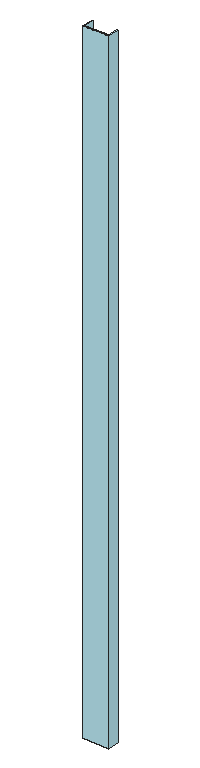
Revit family "c40x17x1-6", category 機械設備, Revit 2022
Family settings
  丸型コネクタ寸法 = 直径を使用
  種別 = なし
  パーツ タイプ = 標準
  作業面ベース = いいえ
  常に垂直 = はい
  ロード時にボイドで切り取り = いいえ
  注釈の向きを維持 = いいえ
  共有 = いいえ
  部屋計算ポイント = いいえ
Parameters
  製造元 = "株式会社桐井製作所"
  既定の高さ = 0 mm
  URL = "https://www.kirii.co.jp/"
  K_長さ(mm) [instance] = 1000 mm
  K_外形寸法(mm) = "40×17×1.6"
  K_品名 = "チャンネルC-40×17×1.6(折曲加工)"
  K_名称 = "斜め部材(ブレース材)"
  K_バージョン情報 = "20211216"
Reference planes
  plane 1 "中心(正面/背面)": y = 0
  plane 2: z = 0
  plane 3 "中心(左/右)": x = 0
  plane 4: x = 20
  plane 5: x = -20
  plane 6: z = 1000
Forms (mm)
  Extrusion 1, solid
    sketch origin (0, 1, 0) x (1, 0, 0) y (0, 1, 0)
      loop
        line (-20, 16) -> (-20, -1) -> (20, -1) -> (20, 16) -> (18.4, 16) -> (18.4, 0.6) -> (-18.4, 0.6) -> (-18.4, 16) -> (-20, 16)
    from 0 to 1000
Dimensions and locks
  "K_長さ(mm)": plane 6 to plane 2
  aligned and locked: level to plane 2
  aligned and locked: plane 6 to Extrusion 1
Automatic sketch dimensions
  plane 1 "中心(正面/背面)" to Extrusion 1 sketch curve = 0 mm
  Extrusion 1 sketch curve to plane 5 = 0 mm
  Extrusion 1 sketch curve to plane 4 = 0 mm
  plane 5 to Extrusion 1 sketch curve = 1.6 mm
  Extrusion 1 sketch curve to plane 4 = 1.6 mm
  Extrusion 1 sketch curve to plane 1 "中心(正面/背面)" = 1.6 mm
  Extrusion 1 sketch curve to Extrusion 1 sketch curve = 15.4 mm  (x2)
